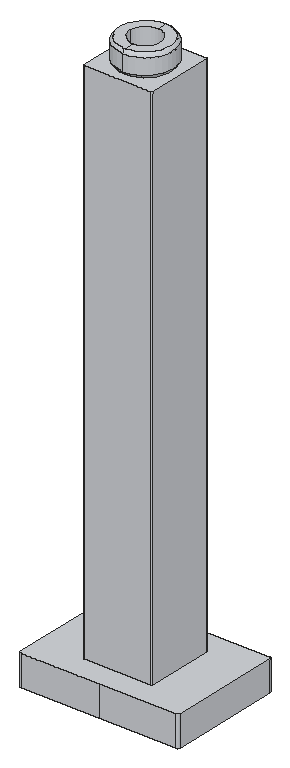
Revit family "Shower-Ceiling_Mount-Showerarm-KOHLER-BEITOU-K-22309T_1", category Plumbing Fixtures, host Face, Revit 2017
Family settings
  Host = Face
  Round Connector Dimension = Use Diameter
  Part Type = Normal
  OmniClass Number = 23.31.17.00
  OmniClass Title = Showers
  Cut with Voids When Loaded = No
  Shared = No
  Room Calculation Point = No
Parameters (values of type "CP-Polished Chrome")
  Width = 2 93/256"  # constant formula
  WaterSense Certified = 1 = 0  # no
  Waste Water Outlet = "Waste Water Outlet"  # constant formula
  Waste Connection = 1 = 0  # no
  Vent Connection = 1 = 0  # no
  URL = "http://www.kohler.com.cn/"
  Type = 1
  Product Page URL = "https://www.kohler.com.cn/product/K-22309T-CP/K-22309T-CP/"
  Product Name = "BEITOU"  # constant formula
  Product Documentation Link = "https://files.kohler.com.cn/pdfs/1567066914941_22309T%20安装说明书.pdf"
  Pressure = 0.00 psi
  Panel Thickness = 0"
  Model = "K-22309T-CP"  # constant formula
  Material = "Premium Metal Construction"  # constant formula
  Master Format 2014 Name = "Residential Showers"  # constant formula
  Master Format 2014 = "22 42 23"  # constant formula
  Manufacturer Address = "Kohler Beijing Office (100016) 36-2-03-B, No. 88, Liuxiang Road, Beijing"  # constant formula
  Manufacturer = "KOHLER Co."  # constant formula
  Length = 1 187/256"  # constant formula
  Hot Water Inlet = "Tempered Water Inlet"  # constant formula
  Height = 8 85/128"  # constant formula
  HW Connection = 1 = 1  # yes
  Flow Rate = 0 GPM
  Finish = Kohler-Metal-CP-Polished_Chrome
  Environmental Product Declaration = ""
  Drain Included = 1 = 0  # no
  Description = "Manda ceiling mounted shower arm"  # constant formula
  Default Elevation = 0"
  Declare Label = ""
  Date Modified = "09/22/2020"  # constant formula
  Date Created = "09/22/2020"  # constant formula
  Copyright = "Copyright KOHLER Co."  # constant formula
  Contact Us = "http://www.kohler.com.cn/contact/contact-us/"
  Cold Water Inlet = "Cold Water Inlet"  # constant formula
  CW Connection = 1 = 0  # no
  Assembly Code = "D2010700"
  ADA Compliant = 1 = 0  # no
Reference planes (in)
  plane 1 "Center (Front/Back)": y = 0
  plane 2: z = 0
  plane 3 "Center (Left/Right)": x = 0
  plane 4: y = 0.86614
  plane 5: x = -1.1811
  plane 6: x = 1.18218
  plane 7: y = -0.86433
  plane 8: z = 8.66406
  plane 9: y = 0.51181
  plane 10: z = 0.45276
  plane 11: z = 8.32677
  plane 12: y = -0.51181
  plane 13: x = 0.51181
  plane 14: x = -0.51181
Dimensions and locks (in)
  "Width": plane 5 to plane 6
  "Height": level to plane 8
  "Length": plane 7 to plane 4
  plane 10 to level = 0.45276"
  plane 11 to level = 8.32677"
  aligned and locked: plane 2 to host face
  aligned and locked: level to host face
Automatic sketch dimensions
  host sketch curve to host sketch curve = 96"  (x2)
Nested families (in)
  nested 1: "K-22309T" at (0, 0, 0), type "K-22309T"
Connectors (in)
  piping at (0, 0, 0), diameter 0.5, driven by "HW Connection", driven by "Hot Water Inlet", driven by "Flow Rate"
    settings: on nested 1, index 1, connector inside diameter 24", connector length 0", flow factor 0, pipe flow 0 GPM, pressure drop 0.00 psi, fitting loss kfactor 0, connector angle 0.00°, fixture units 0, engagement length 0", angle of deflection 0.00°, flow configuration 0, flow direction 1, fitting loss method 0, system type 19, joint type 0, gender type 0, connector reference index -1, connector utility 1, adjustable connector no, is connector primary yes, connector description "Tempered Water Inlet"
Definition of nested family "K-22309T"
  Parameters (values of type "K-22309T")
    Material = none
  Reference planes (in)
    plane 1 "Center (Front/Back)": y = 0
    plane 2: z = 0
    plane 3 "Center (Left/Right)": x = 0
    plane 4: y = 0.86614
    plane 5: y = -0.86614
    plane 6: x = -1.1811
    plane 7: x = 1.1811
    plane 8: z = 8.66535
  Forms (in)
    Extrusion 1, solid, material <- "Material", detail levels medium+fine
      sketch origin (0, 0, 0) x (1, 0, 0) y (0, 1, 0)
        loop
          line (0, 0.86614) -> (-1.14173, 0.86614)
          arc (-1.14173, 0.86614) -> (-1.16957, 0.85461) -> (-1.1811, 0.82677) r 0.03937
          line (-1.1811, 0.82677) -> (-1.1811, -0.82677)
          arc (-1.1811, -0.82677) -> (-1.16957, -0.85461) -> (-1.14173, -0.86614) r 0.03937
          line (-1.14173, -0.86614) -> (0, -0.86614) -> (1.14173, -0.86614)
          arc (1.14173, -0.86614) -> (1.16957, -0.85461) -> (1.1811, -0.82677) r 0.03937
          line (1.1811, -0.82677) -> (1.1811, 0.82677)
          arc (1.1811, 0.82677) -> (1.16957, 0.85461) -> (1.14173, 0.86614) r 0.03937
          line (1.14173, 0.86614) -> (0, 0.86614)
      from 0 to 0.45276
    Extrusion 2, solid, material <- "Material", detail levels medium+fine
      sketch origin (0, 0, 0) x (1, 0, 0) y (0, 1, 0)
        loop
          line (0.49166, 0.51181) -> (-0.49204, 0.51181)
          arc (-0.49204, 0.51181) -> (-0.50602, 0.50602) -> (-0.51181, 0.49204) r 0.01977
          line (-0.51181, 0.49204) -> (-0.51181, -0.49187)
          arc (-0.51181, -0.49187) -> (-0.50597, -0.50597) -> (-0.49187, -0.51181) r 0.01994
          line (-0.49187, -0.51181) -> (0.4919, -0.51181)
          arc (0.4919, -0.51181) -> (0.50598, -0.50598) -> (0.51181, -0.4919) r 0.01991
          line (0.51181, -0.4919) -> (0.51181, 0.49166)
          arc (0.51181, 0.49166) -> (0.50591, 0.50591) -> (0.49166, 0.51181) r 0.02015
      from 0.45276 to 8.32677
    Revolve 3, solid, material <- "Material", detail levels medium+fine
      sketch origin (0, 0, 0) x (0, 1, 0) y (0, 0, 1)
        loop
          line (0, 8.32677) -> (0, 8.66535) -> (-0.37394, 8.66535)
          arc (-0.37394, 8.66535) -> (-0.39691, 8.6416) -> (-0.41341, 8.61298) r 0.1349
          line (-0.41341, 8.61298) -> (-0.41341, 8.37654) -> (-0.37452, 8.32677) -> (0, 8.32677)
        axis (0, 8.32677) -> (0, 8.66535)
      angle from 0 to 360
    Extrusion 4, void
      sketch origin (0, 0, 0) x (1, 0, 0) y (0, 1, 0)
        loop
          circle (0, 0) r 0.2278
      from 8.32677 to 9.42997
    Extrusion 5, solid, material <- "Material", detail levels coarse
      sketch origin (0, 0, 0) x (1, 0, 0) y (0, 0, 1)
        loop
          line (0, 0) -> (1.33388, 0) -> (1.33388, 0.53456) -> (-1.34816, 0.53456) -> (-1.34816, 0) -> (0, 0)
      from -1.37687 to 1.28258
    Extrusion 6, solid, material <- "Material", detail levels coarse
      sketch origin (0, 0, 0) x (1, 0, 0) y (0, 0, 1)
        loop
          line (-0.00714, 0.53456) -> (0.65084, 0.53456) -> (0.65084, 8.36339) -> (-0.6411, 8.36339) -> (-0.6411, 0.53456) -> (-0.00714, 0.53456)
      from -0.51181 to 0.67533
    Revolve 7, solid, material <- "Material", detail levels coarse
      sketch origin (0, 0, 0) x (1, 0, 0) y (0, 0, 1)
        loop
          line (0, 8.32677) -> (0.44314, 8.32677) -> (0.44314, 8.72047) -> (0, 8.72047) -> (0, 8.32677)
        axis (0, 8.32677) -> (0, 8.72047)
      angle from 0 to 360
    Extrusion 8, solid, material <- "Material", detail levels medium+fine
      sketch origin (0, 0, 0) x (1, 0, 0) y (0, 1, 0)
        loop
          circle (0, 0) r 0.11242
      from 0 to 0.0973
  Cuts and joins
    Extrusion 4 cuts Extrusion 1
    Extrusion 4 cuts Extrusion 2
    Extrusion 4 cuts Revolve 3
    joined: Extrusion 1, Extrusion 2, Revolve 3
    joined: Extrusion 5, Extrusion 6, Revolve 7
  Lines and regions (in)
    Masking region 1
      outline origin (0, 0, 0) x (1, 0, 0) y (0, 1, 0)
        loop
          line (0, 0.86614) -> (-1.14173, 0.86614)
          arc (-1.14173, 0.86614) -> (-1.16957, 0.85461) -> (-1.1811, 0.82677) r 0.03937
          line (-1.1811, 0.82677) -> (-1.1811, -0.82677)
          arc (-1.1811, -0.82677) -> (-1.16957, -0.85461) -> (-1.14173, -0.86614) r 0.03937
          line (-1.14173, -0.86614) -> (0, -0.86614) -> (1.14173, -0.86614)
          arc (1.14173, -0.86614) -> (1.16957, -0.85461) -> (1.1811, -0.82677) r 0.03937
          line (1.1811, -0.82677) -> (1.1811, 0.82677)
          arc (1.1811, 0.82677) -> (1.16957, 0.85461) -> (1.14173, 0.86614) r 0.03937
          line (1.14173, 0.86614) -> (0, 0.86614)
    Masking region 2
      outline origin (0, 0, 0) x (1, 0, 0) y (0, 0, 1)
        loop
          line (0, 0) -> (1.1811, 0) -> (1.1811, 0.45276) -> (0.51181, 0.45276) -> (0.51181, 8.32677) -> (0.37447, 8.32677) -> (0.41337, 8.37657) -> (0.41337, 8.61352)
          arc (0.41337, 8.61352) -> (0.39761, 8.64245) -> (0.37394, 8.66535) r 0.10915
          line (0.37394, 8.66535) -> (0, 8.66535) -> (-0.37394, 8.66535)
          arc (-0.37394, 8.66535) -> (-0.39761, 8.64245) -> (-0.41337, 8.61352) r 0.10915
          line (-0.41337, 8.61352) -> (-0.41337, 8.37657) -> (-0.37447, 8.32677) -> (-0.51181, 8.32677) -> (-0.51181, 0.45276) -> (-1.1811, 0.45276) -> (-1.1811, 0) -> (0, 0)
    Masking region 3
      outline origin (0, 0, 0) x (0, 1, 0) y (0, 0, 1)
        loop
          line (0, 0) -> (0.86614, 0) -> (0.86614, 0.45276) -> (0.51181, 0.45276) -> (0.51181, 8.32677) -> (0.37452, 8.32677) -> (0.41478, 8.37829) -> (0.41478, 8.6138)
          arc (0.41478, 8.6138) -> (0.3975, 8.64207) -> (0.37394, 8.66535) r 0.13697
          line (0.37394, 8.66535) -> (0, 8.66535) -> (-0.37394, 8.66535)
          arc (-0.37394, 8.66535) -> (-0.3975, 8.64207) -> (-0.41478, 8.6138) r 0.13697
          line (-0.41478, 8.6138) -> (-0.41478, 8.37829) -> (-0.37452, 8.32677) -> (-0.51181, 8.32677) -> (-0.51181, 0.45276) -> (-0.86614, 0.45276) -> (-0.86614, 0) -> (0, 0)
    symbolic lines, detail levels medium+fine
      curve 1: line (0, 0.51181, 0.45276) -> (0, -0.51181, 0.45276)
      curve 2: line (0, 0.37452, 8.32677) -> (0, -0.37452, 8.32677)
      curve 3: line (0.51181, 0, 0.45276) -> (-0.51181, 0, 0.45276)
      curve 4: line (0.49166, 0.51181, 0) -> (-0.49204, 0.51181, 0)
      curve 5: arc (-0.49204, 0.51181, 0) -> (-0.50602, 0.50602, 0) -> (-0.51181, 0.49204, 0) r 0.01977
      curve 6: line (-0.51181, 0.49204, 0) -> (-0.51181, -0.49187, 0)
      curve 7: arc (-0.51181, -0.49187, 0) -> (-0.50597, -0.50597, 0) -> (-0.49187, -0.51181, 0) r 0.01994
      curve 8: line (-0.49187, -0.51181, 0) -> (0.4919, -0.51181, 0)
      curve 9: arc (0.4919, -0.51181, 0) -> (0.50598, -0.50598, 0) -> (0.51181, -0.4919, 0) r 0.01991
      curve 10: line (0.51181, -0.4919, 0) -> (0.51181, 0.49166, 0)
      curve 11: arc (0.51181, 0.49166, 0) -> (0.50591, 0.50591, 0) -> (0.49166, 0.51181, 0) r 0.02015
      curve 12: arc (0, 0.41341, 0) -> (0.41341, 0, 0) -> (0, -0.41341, 0) r 0.41341
      curve 13: arc (0, -0.41341, 0) -> (-0.41341, 0, 0) -> (0, 0.41341, 0) r 0.41341
      curve 14: arc (0, 0.37394, 0) -> (-0.37394, 0, 0) -> (0, -0.37394, 0) r 0.37394
      curve 15: arc (0, -0.37394, 0) -> (0.37394, 0, 0) -> (0, 0.37394, 0) r 0.37394
      curve 16: arc (0, 0.2612, 0) -> (-0.2612, 0, 0) -> (0, -0.2612, 0) r 0.2612
      curve 17: arc (0, -0.26049, 0) -> (0.26049, 0, 0) -> (0, 0.26049, 0) r 0.26049
      curve 18: arc (0, -0.25679, 0) -> (0.25679, 0, 0) -> (0, 0.25679, 0) r 0.25679
      curve 19: arc (0, 0.25679, 0) -> (-0.25679, 0, 0) -> (0, -0.25679, 0) r 0.25679
      curve 20: arc (-0.2278, 0, 0) -> (0, -0.2278, 0) -> (0.2278, 0, 0) r 0.2278
      curve 21: arc (0.2278, 0, 0) -> (0, 0.2278, 0) -> (-0.2278, 0, 0) r 0.2278
      curve 22: line (0, 0.41341, 8.37654) -> (0, -0.41341, 8.37654)
      curve 23: line (0, 0.41341, 8.61298) -> (0, -0.41341, 8.61298)
      curve 24: line (0.37447, 0, 8.32677) -> (-0.37447, 0, 8.32677)
      curve 25: line (-0.41337, 0, 8.37657) -> (0.41337, 0, 8.37657)
      curve 26: line (-0.41337, 0, 8.61352) -> (0.41337, 0, 8.61352)
  Dimensions and locks (in)
    plane 8 to level = 8.66535"
    aligned and locked: level to plane 2
